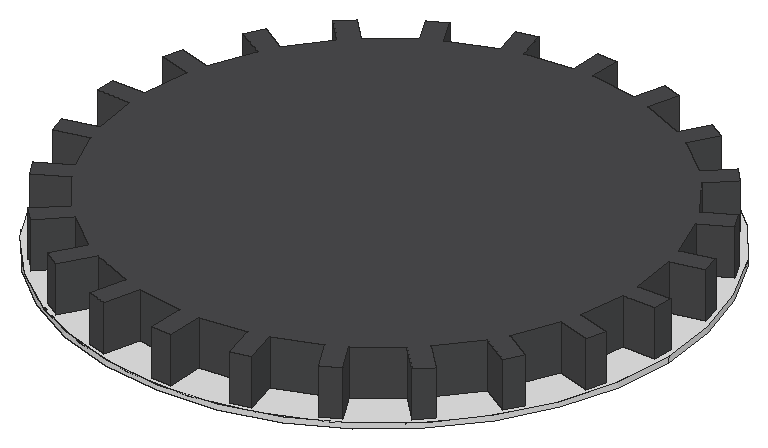
Revit family "DOWNLIGHT SLIM_LSD9CW", category Luminarias, Revit 2019
Family settings
  Cota de conector redondo = Diámetro de uso
  Tipo de pieza = Normal
  Se basa en plano de trabajo = Sí
  Siempre vertical = Sí
  Corte con vacíos al cargar = No
  Origen de luz = Sí
  Compartido = No
  Punto de cálculo de habitación = No
Parameters (values of type "DOWNLIGHT SLIM_LSD9CW")
  Ángulo de inclinación = 60.00°
  Ángulo de enfoque = 120.00°
  Ángulo de campo de foco = 120.00°
  Zone [instance] = ""
  Watt per fixture = 9
  Wattage = 9 W
  built-in parameter 1150107 = 4500 (stored number, unit not read)
  built-in parameter 1150110 = 1 (stored number, unit not read)
  built-in parameter 1150109 = 1 (stored number, unit not read)
  built-in parameter 1150112 = 1 (stored number, unit not read)
  built-in parameter 1150113 = 1 (stored number, unit not read)
  built-in parameter 1114218 = 1 (stored number, unit not read)
  Keynote = ""
  built-in parameter 1150137 = (empty or 0)
  built-in parameter 1150132 = (empty or 0)
  Modelo = "LSD9CW"
  Lámpara = "2835 SMD"
  Longitud de símbolo de origen de luz = 500 mm
  built-in parameter 1150105 = 2398.3 (stored number, unit not read)
  built-in parameter 1150102 = (empty or 0)
  built-in parameter 1150106 = 23.983 (stored number, unit not read)
  Lumens = 717.3 lm
  Color Filter = 16777215
  built-in parameter 1114217 = 1 (stored number, unit not read)
  built-in parameter 1150139 = (empty or 0)
  Fabricante = "BRILLANT"
  Default Elevation = 1219.2 mm
  built-in parameter 1150104 = 7.4044 (stored number, unit not read)
  Descripción = "LUMINARIA TIPO CIRCULAR PARA EMPOTRAR EN TECHO CON CUERPO DE ALUMINIO Y VIDRIO SATINADO, IP 33 USO PARA INTERIORES CON CUERPO DE 0.77KG, CUENTA CON 1 LED TIPO 2835SMD CON UNA POTENCIA TOTAL DE 9W, A UNA TEMPERATURA EN BLANCO FRIO 4500K CON 718 LUMENES, EFICIENCIA DE 79.7LM/W, IRC 80, APERTURA A 120 GRADOS EN STOCK, 300mA EN CORRIENTE DE OPERACIÓN, CON FUENTE EXTERNA REMOTAS ALIMENTADA A 90-240V."
  built-in parameter 1150115 = 1 (stored number, unit not read)
  built-in parameter 1150114 = 1 (stored number, unit not read)
  Comentarios de vataje = "90-240V"
  built-in parameter 1150138 = (empty or 0)
  built-in parameter 1150134 = (empty or 0)
  Circuit [instance] = ""
  Dimming Lamp Color Temperature Shift = (empty or 0)
  built-in parameter 1150133 = 10 (stored number, unit not read)
Reference planes
  plane 1 "Centro (Frontal/Posterior)": y = 0
  plane 2: z = 0
  plane 3 "Centro (Izquierda/Derecha)": x = 0
Forms (mm)
  Extrusion 1, solid, material "Cristal"
    sketch origin (0, 0, 0) x (1, 0, 0) y (0, 1, 0)
      loop
        circle (0, 0) r 60
    from -0.556 to 0
  Extrusion 2, solid, material "acabado blanco"
    sketch origin (0, 0, 0) x (1, 0, 0) y (0, 1, 0)
      loop
        circle (0, 0) r 75
      loop
        circle (0, 0) r 60
    from -1.355 to 0
  Extrusion 3, solid, material "Plastico"
    sketch origin (0, -0.049, 0.672) x (1, 0, 0) y (0, 1, 0)
      loop
        line (-2.5, 73.433) -> (-2.5, 65.687)
        arc (-2.5, 65.687) -> (-8.579, 65.167) -> (-14.582, 64.079) r 65
        line (-14.582, 64.079) -> (-16.591, 71.578) -> (-21.421, 70.284) -> (-19.407, 62.77)
        arc (-19.407, 62.77) -> (-25.132, 60.68) -> (-30.636, 58.063) r 65
        line (-30.636, 58.063) -> (-34.551, 64.845) -> (-38.881, 62.345) -> (-34.952, 55.538)
        arc (-34.952, 55.538) -> (-39.921, 52.032) -> (-44.541, 48.076) r 65
        line (-44.541, 48.076) -> (-50.157, 53.693) -> (-53.693, 50.157) -> (-48.048, 44.512)
        arc (-48.048, 44.512) -> (-51.918, 39.844) -> (-55.337, 34.836) r 65
        line (-55.337, 34.836) -> (-62.345, 38.881) -> (-64.845, 34.551) -> (-57.794, 30.481)
        arc (-57.794, 30.481) -> (-60.307, 24.986) -> (-62.298, 19.281) r 65
        line (-62.298, 19.281) -> (-70.284, 21.421) -> (-71.578, 16.591) -> (-63.539, 14.437)
        arc (-63.539, 14.437) -> (-64.534, 8.502) -> (-64.976, 2.5) r 65
        line (-64.976, 2.5) -> (-73.433, 2.5) -> (-73.433, -2.5) -> (-64.919, -2.5)
        arc (-64.919, -2.5) -> (-64.346, -8.466) -> (-63.225, -14.353) r 65
        line (-63.225, -14.353) -> (-71.578, -16.591) -> (-70.284, -21.421) -> (-61.878, -19.168)
        arc (-61.878, -19.168) -> (-59.791, -24.76) -> (-57.2, -30.138) r 65
        line (-57.2, -30.138) -> (-64.845, -34.551) -> (-62.345, -38.881) -> (-54.658, -34.443)
        arc (-54.658, -34.443) -> (-51.214, -39.292) -> (-47.341, -43.805) r 65
        line (-47.341, -43.805) -> (-53.693, -50.157) -> (-50.157, -53.693) -> (-43.777, -47.312)
        arc (-43.777, -47.312) -> (-39.216, -51.102) -> (-34.329, -54.46) r 65
        line (-34.329, -54.46) -> (-38.881, -62.345) -> (-34.551, -64.845) -> (-29.985, -56.935)
        arc (-29.985, -56.935) -> (-24.616, -59.423) -> (-19.044, -61.412) r 65
        line (-19.044, -61.412) -> (-21.421, -70.284) -> (-16.591, -71.578) -> (-14.21, -62.692)
        arc (-14.21, -62.692) -> (-8.39, -63.721) -> (-2.5, -64.217) r 65
        line (-2.5, -64.217) -> (-2.5, -73.433) -> (2.5, -73.433) -> (2.5, -64.217)
        arc (2.5, -64.217) -> (8.39, -63.721) -> (14.21, -62.692) r 65
        line (14.21, -62.692) -> (16.591, -71.578) -> (21.421, -70.284) -> (19.044, -61.412)
        arc (19.044, -61.412) -> (24.616, -59.423) -> (29.985, -56.935) r 65
        line (29.985, -56.935) -> (34.551, -64.845) -> (38.881, -62.345) -> (34.329, -54.46)
        arc (34.329, -54.46) -> (39.216, -51.102) -> (43.777, -47.312) r 65
        line (43.777, -47.312) -> (50.157, -53.693) -> (53.693, -50.157) -> (47.341, -43.805)
        arc (47.341, -43.805) -> (51.214, -39.292) -> (54.658, -34.443) r 65
        line (54.658, -34.443) -> (62.345, -38.881) -> (64.845, -34.551) -> (57.2, -30.138)
        arc (57.2, -30.138) -> (59.791, -24.76) -> (61.878, -19.168) r 65
        line (61.878, -19.168) -> (70.284, -21.421) -> (71.578, -16.591) -> (63.225, -14.353)
        arc (63.225, -14.353) -> (64.346, -8.466) -> (64.919, -2.5) r 65
        line (64.919, -2.5) -> (73.433, -2.5) -> (73.433, 2.5) -> (64.976, 2.5)
        arc (64.976, 2.5) -> (64.534, 8.502) -> (63.539, 14.437) r 65
        line (63.539, 14.437) -> (71.578, 16.591) -> (70.284, 21.421) -> (62.298, 19.281)
        arc (62.298, 19.281) -> (60.307, 24.986) -> (57.794, 30.481) r 65
        line (57.794, 30.481) -> (64.845, 34.551) -> (62.345, 38.881) -> (55.337, 34.836)
        arc (55.337, 34.836) -> (51.918, 39.844) -> (48.048, 44.512) r 65
        line (48.048, 44.512) -> (53.693, 50.157) -> (50.157, 53.693) -> (44.541, 48.076)
        arc (44.541, 48.076) -> (39.921, 52.032) -> (34.952, 55.538) r 65
        line (34.952, 55.538) -> (38.881, 62.345) -> (34.551, 64.845) -> (30.636, 58.063)
        arc (30.636, 58.063) -> (25.132, 60.68) -> (19.407, 62.77) r 65
        line (19.407, 62.77) -> (21.421, 70.284) -> (16.591, 71.578) -> (14.582, 64.079)
        arc (14.582, 64.079) -> (8.579, 65.167) -> (2.5, 65.687) r 65
        line (2.5, 65.687) -> (2.5, 73.433) -> (-2.5, 73.433)
    from -0.672 to 11.328
Lines and regions (mm)
  model lines
    curve 1: line (-2.5, 52.389, 0) -> (2.5, 52.389, 0)
    curve 2: line (0, 52.389, 0) -> (0, 0, 0)
Dimensions and locks
  Extrusion 3 to level = 12 mm
  diameter of Extrusion 2 sketch curve = 150 mm
  aligned and locked: level to plane 2
  aligned and locked: Extrusion 3 to level
Connectors
  electrical at (0, 0.135, 12)
    settings: on Extrusion 3, index 1, voltage 240 V, apparent load 0 VA, apparent load phase1 0 VA, apparent load phase2 0 VA, apparent load phase3 0 VA, power factor 1, load classification "Otro", number of poles 1, system type 31, power factor state 1, is connector primary yes, connector utility no, sub classification motor no, connector description ""
